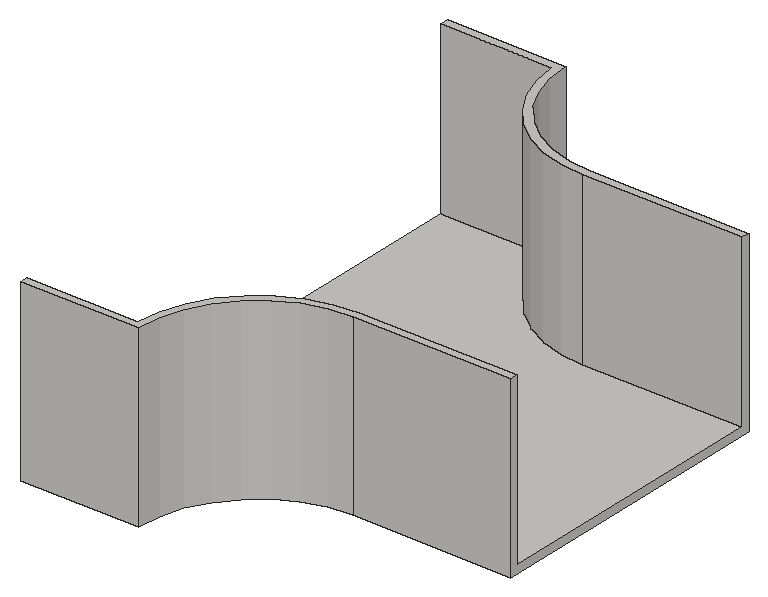
Revit family "S4R_OBO BETTERMANN_CableTray_SaddlePiece_RAAM FS", category Cable Tray Fittings, Revit 2012
Parameters
  Wholesaler art.no. = ""
  Wholesaler = ""
  Watermarked By = "www.stabiplan.com"
  WIDTH2 [instance] = WIDTH1 + 80 mm  # 180 mm
  WIDTH1 [instance] = 100 mm
  VERSION = "91900"  # constant formula
  URL = "www.stabiplan.com"
  built-in parameter 1140111 [instance] = 2.6 mm
  TYPE [instance] = "RAAM FS"  # constant formula
  StabiCAD_PM = ""
  Radius [instance] = 50 mm  # constant formula
  PRODUCTLINE [instance] = "OBO BETTERMANN CableTrays"  # constant formula
  Model = ""
  Manufacturer = "OBO BETTERMANN"  # constant formula
  LENGTH1 [instance] = if(and(WIDTH1 = 100 mm, HEIGHT1 = 60 mm, ANGLE2 = 90.00°), 133.5 mm, if(and(WIDTH1 = 150 mm, HEIGHT1 = 60 mm, ANGLE2 = 90.00°), 133.5 mm, if(and(WIDTH1 = 200 mm, HEIGHT1 = 60 mm, ANGLE2 = 90.00°), 133.5 mm, if(and(WIDTH1 = 300 mm, HEIGHT1 = 60 mm, ANGLE2 = 90.00°), 133.5 mm, if(and(WIDTH1 = 400 mm, HEIGHT1 = 60 mm, ANGLE2 = 90.00°), 133.5 mm, if(and(WIDTH1 = 500 mm, HEIGHT1 = 60 mm, ANGLE2 = 90.00°), 133.5 mm, if(and(WIDTH1 = 600 mm, HEIGHT1 = 60 mm, ANGLE2 = 90.00°), 133.5 mm, if(and(WIDTH1 = 100 mm, HEIGHT1 = 85 mm, ANGLE2 = 90.00°), 133.5 mm, if(and(WIDTH1 = 150 mm, HEIGHT1 = 85 mm, ANGLE2 = 90.00°), 133.5 mm, if(and(WIDTH1 = 200 mm, HEIGHT1 = 85 mm, ANGLE2 = 90.00°), 133.5 mm, if(and(WIDTH1 = 300 mm, HEIGHT1 = 85 mm, ANGLE2 = 90.00°), 133.5 mm, if(and(WIDTH1 = 400 mm, HEIGHT1 = 85 mm, ANGLE2 = 90.00°), 133.5 mm, if(and(WIDTH1 = 500 mm, HEIGHT1 = 85 mm, ANGLE2 = 90.00°), 133.5 mm, if(and(WIDTH1 = 600 mm, HEIGHT1 = 85 mm, ANGLE2 = 90.00°), 133.5 mm, if(and(WIDTH1 = 100 mm, HEIGHT1 = 110 mm, ANGLE2 = 90.00°), 133.5 mm, if(and(WIDTH1 = 150 mm, HEIGHT1 = 110 mm, ANGLE2 = 90.00°), 133.5 mm, if(and(WIDTH1 = 200 mm, HEIGHT1 = 110 mm, ANGLE2 = 90.00°), 133.5 mm, if(and(WIDTH1 = 300 mm, HEIGHT1 = 110 mm, ANGLE2 = 90.00°), 133.5 mm, if(and(WIDTH1 = 400 mm, HEIGHT1 = 110 mm, ANGLE2 = 90.00°), 133.5 mm, if(and(WIDTH1 = 500 mm, HEIGHT1 = 110 mm, ANGLE2 = 90.00°), 133.5 mm, if(and(WIDTH1 = 600 mm, HEIGHT1 = 110 mm, ANGLE2 = 90.00°), 133.5 mm, if(and(WIDTH1 = 100 mm, HEIGHT1 = 35 mm, ANGLE2 = 90.00°), 133.5 mm, if(and(WIDTH1 = 200 mm, HEIGHT1 = 35 mm, ANGLE2 = 90.00°), 133.5 mm, if(and(WIDTH1 = 300 mm, HEIGHT1 = 35 mm, ANGLE2 = 90.00°), 133.5 mm, 133.5 mm))))))))))))))))))))))))  # 133.5 mm
  Internal art.no. = ""
  ISCUSTOM [instance] = if(and(WIDTH1 = 100 mm, HEIGHT1 = 60 mm, ANGLE2 = 90.00°), 1 = 0, if(and(WIDTH1 = 150 mm, HEIGHT1 = 60 mm, ANGLE2 = 90.00°), 1 = 0, if(and(WIDTH1 = 200 mm, HEIGHT1 = 60 mm, ANGLE2 = 90.00°), 1 = 0, if(and(WIDTH1 = 300 mm, HEIGHT1 = 60 mm, ANGLE2 = 90.00°), 1 = 0, if(and(WIDTH1 = 400 mm, HEIGHT1 = 60 mm, ANGLE2 = 90.00°), 1 = 0, if(and(WIDTH1 = 500 mm, HEIGHT1 = 60 mm, ANGLE2 = 90.00°), 1 = 0, if(and(WIDTH1 = 600 mm, HEIGHT1 = 60 mm, ANGLE2 = 90.00°), 1 = 0, if(and(WIDTH1 = 100 mm, HEIGHT1 = 85 mm, ANGLE2 = 90.00°), 1 = 0, if(and(WIDTH1 = 150 mm, HEIGHT1 = 85 mm, ANGLE2 = 90.00°), 1 = 0, if(and(WIDTH1 = 200 mm, HEIGHT1 = 85 mm, ANGLE2 = 90.00°), 1 = 0, if(and(WIDTH1 = 300 mm, HEIGHT1 = 85 mm, ANGLE2 = 90.00°), 1 = 0, if(and(WIDTH1 = 400 mm, HEIGHT1 = 85 mm, ANGLE2 = 90.00°), 1 = 0, if(and(WIDTH1 = 500 mm, HEIGHT1 = 85 mm, ANGLE2 = 90.00°), 1 = 0, if(and(WIDTH1 = 600 mm, HEIGHT1 = 85 mm, ANGLE2 = 90.00°), 1 = 0, if(and(WIDTH1 = 100 mm, HEIGHT1 = 110 mm, ANGLE2 = 90.00°), 1 = 0, if(and(WIDTH1 = 150 mm, HEIGHT1 = 110 mm, ANGLE2 = 90.00°), 1 = 0, if(and(WIDTH1 = 200 mm, HEIGHT1 = 110 mm, ANGLE2 = 90.00°), 1 = 0, if(and(WIDTH1 = 300 mm, HEIGHT1 = 110 mm, ANGLE2 = 90.00°), 1 = 0, if(and(WIDTH1 = 400 mm, HEIGHT1 = 110 mm, ANGLE2 = 90.00°), 1 = 0, if(and(WIDTH1 = 500 mm, HEIGHT1 = 110 mm, ANGLE2 = 90.00°), 1 = 0, if(and(WIDTH1 = 600 mm, HEIGHT1 = 110 mm, ANGLE2 = 90.00°), 1 = 0, if(and(WIDTH1 = 100 mm, HEIGHT1 = 35 mm, ANGLE2 = 90.00°), 1 = 0, if(and(WIDTH1 = 200 mm, HEIGHT1 = 35 mm, ANGLE2 = 90.00°), 1 = 0, if(and(WIDTH1 = 300 mm, HEIGHT1 = 35 mm, ANGLE2 = 90.00°), 1 = 0, 1 = 1))))))))))))))))))))))))  # no
  IFCExportType = ""
  IFCExportAs = ""
  HEIGHT1 [instance] = 60 mm
  GTINNUMBER [instance] = if(and(WIDTH1 = 100 mm, HEIGHT1 = 60 mm, ANGLE2 = 90.00°), "4012195878568", if(and(WIDTH1 = 150 mm, HEIGHT1 = 60 mm, ANGLE2 = 90.00°), "4012195878575", if(and(WIDTH1 = 200 mm, HEIGHT1 = 60 mm, ANGLE2 = 90.00°), "4012195878582", if(and(WIDTH1 = 300 mm, HEIGHT1 = 60 mm, ANGLE2 = 90.00°), "4012195878629", if(and(WIDTH1 = 400 mm, HEIGHT1 = 60 mm, ANGLE2 = 90.00°), "4012195878636", if(and(WIDTH1 = 500 mm, HEIGHT1 = 60 mm, ANGLE2 = 90.00°), "4012195878643", if(and(WIDTH1 = 600 mm, HEIGHT1 = 60 mm, ANGLE2 = 90.00°), "4012195878681", if(and(WIDTH1 = 100 mm, HEIGHT1 = 85 mm, ANGLE2 = 90.00°), "4012195880851", if(and(WIDTH1 = 150 mm, HEIGHT1 = 85 mm, ANGLE2 = 90.00°), "4012195895862", if(and(WIDTH1 = 200 mm, HEIGHT1 = 85 mm, ANGLE2 = 90.00°), "4012195880868", if(and(WIDTH1 = 300 mm, HEIGHT1 = 85 mm, ANGLE2 = 90.00°), "4012195880875", if(and(WIDTH1 = 400 mm, HEIGHT1 = 85 mm, ANGLE2 = 90.00°), "4012195880882", if(and(WIDTH1 = 500 mm, HEIGHT1 = 85 mm, ANGLE2 = 90.00°), "4012195880899", if(and(WIDTH1 = 600 mm, HEIGHT1 = 85 mm, ANGLE2 = 90.00°), "4012195880905", if(and(WIDTH1 = 100 mm, HEIGHT1 = 110 mm, ANGLE2 = 90.00°), "4012195882039", if(and(WIDTH1 = 150 mm, HEIGHT1 = 110 mm, ANGLE2 = 90.00°), "4012195896067", if(and(WIDTH1 = 200 mm, HEIGHT1 = 110 mm, ANGLE2 = 90.00°), "4012195882046", if(and(WIDTH1 = 300 mm, HEIGHT1 = 110 mm, ANGLE2 = 90.00°), "4012195882053", if(and(WIDTH1 = 400 mm, HEIGHT1 = 110 mm, ANGLE2 = 90.00°), "4012195882060", if(and(WIDTH1 = 500 mm, HEIGHT1 = 110 mm, ANGLE2 = 90.00°), "4012195882077", if(and(WIDTH1 = 600 mm, HEIGHT1 = 110 mm, ANGLE2 = 90.00°), "4012195882084", if(and(WIDTH1 = 100 mm, HEIGHT1 = 35 mm, ANGLE2 = 90.00°), "4012195881353", if(and(WIDTH1 = 200 mm, HEIGHT1 = 35 mm, ANGLE2 = 90.00°), "4012195881513", if(and(WIDTH1 = 300 mm, HEIGHT1 = 35 mm, ANGLE2 = 90.00°), "4012195881520", "Unknown"))))))))))))))))))))))))  # "4012195878568"
  ETIM article class = ""
  Description = "Horizontal CableTray Saddle Piece"
  DEEPLINK = "http://catalog1.obo-bettermann.com/catalogue/catalogue.do?forward=showProductGroup&act=showIO&favOid=kts_399337&action=showManyProducts&lang=de&OID=kts_399337&catId="
  Copyright = "© Stabiplan BV / Stabiplan International BV"  # constant formula
  CT2 [instance] = 1
  CT1 [instance] = 1
  BodyColor = Steel
  ARTICLENUMBER [instance] = if(and(WIDTH1 = 100 mm, HEIGHT1 = 60 mm, ANGLE2 = 90.00°), "6041230", if(and(WIDTH1 = 150 mm, HEIGHT1 = 60 mm, ANGLE2 = 90.00°), "6041232", if(and(WIDTH1 = 200 mm, HEIGHT1 = 60 mm, ANGLE2 = 90.00°), "6041234", if(and(WIDTH1 = 300 mm, HEIGHT1 = 60 mm, ANGLE2 = 90.00°), "6041236", if(and(WIDTH1 = 400 mm, HEIGHT1 = 60 mm, ANGLE2 = 90.00°), "6041238", if(and(WIDTH1 = 500 mm, HEIGHT1 = 60 mm, ANGLE2 = 90.00°), "6041240", if(and(WIDTH1 = 600 mm, HEIGHT1 = 60 mm, ANGLE2 = 90.00°), "6041242", if(and(WIDTH1 = 100 mm, HEIGHT1 = 85 mm, ANGLE2 = 90.00°), "6041570", if(and(WIDTH1 = 150 mm, HEIGHT1 = 85 mm, ANGLE2 = 90.00°), "6041571", if(and(WIDTH1 = 200 mm, HEIGHT1 = 85 mm, ANGLE2 = 90.00°), "6041572", if(and(WIDTH1 = 300 mm, HEIGHT1 = 85 mm, ANGLE2 = 90.00°), "6041574", if(and(WIDTH1 = 400 mm, HEIGHT1 = 85 mm, ANGLE2 = 90.00°), "6041576", if(and(WIDTH1 = 500 mm, HEIGHT1 = 85 mm, ANGLE2 = 90.00°), "6041578", if(and(WIDTH1 = 600 mm, HEIGHT1 = 85 mm, ANGLE2 = 90.00°), "6041580", if(and(WIDTH1 = 100 mm, HEIGHT1 = 110 mm, ANGLE2 = 90.00°), "6041920", if(and(WIDTH1 = 150 mm, HEIGHT1 = 110 mm, ANGLE2 = 90.00°), "6041921", if(and(WIDTH1 = 200 mm, HEIGHT1 = 110 mm, ANGLE2 = 90.00°), "6041922", if(and(WIDTH1 = 300 mm, HEIGHT1 = 110 mm, ANGLE2 = 90.00°), "6041924", if(and(WIDTH1 = 400 mm, HEIGHT1 = 110 mm, ANGLE2 = 90.00°), "6041926", if(and(WIDTH1 = 500 mm, HEIGHT1 = 110 mm, ANGLE2 = 90.00°), "6041928", if(and(WIDTH1 = 600 mm, HEIGHT1 = 110 mm, ANGLE2 = 90.00°), "6041930", if(and(WIDTH1 = 100 mm, HEIGHT1 = 35 mm, ANGLE2 = 90.00°), "6041020", if(and(WIDTH1 = 200 mm, HEIGHT1 = 35 mm, ANGLE2 = 90.00°), "6041022", if(and(WIDTH1 = 300 mm, HEIGHT1 = 35 mm, ANGLE2 = 90.00°), "6041024", "Unknown"))))))))))))))))))))))))  # "6041230"
  ARTICLEDESCRIPTION [instance] = "Horizontal CableTray Saddle Piece"
  ANGLE2 = 90.00°  # constant formula
Reference planes
  plane 1 "Center (Front/Back)": y = 0
  plane 2: z = 0
  plane 3 "Center (Left/Right)": x = 0
  plane 4: y = 50
  plane 5: y = -50
  plane 6: y = 90
  plane 7: y = -90
  plane 8: z = 30
  plane 9: z = -30
  plane 10: x = 133.5
  plane 11: x = 40
  plane 12: z = 27.5
  plane 13: z = -27.4
Forms (mm)
  Extrusion 1, solid, material "Steel", detail levels fine
    sketch origin (0, 0, 0) x (1, 0, 0) y (0, 1, 0)
      loop
        arc (80, 50) -> (51.716, 61.716) -> (40, 90) r 40
        line (40, 90) -> (0, 90) -> (0, -90) -> (40, -90)
        arc (40, -90) -> (51.716, -61.716) -> (80, -50) r 40
        line (80, -50) -> (133.5, -50) -> (133.5, 50) -> (80, 50)
    from -30 to 30
  Extrusion 2, solid, material "Steel", detail levels medium
    sketch origin (0, 0, 0) x (1, 0, 0) y (0, 1, 0)
      loop
        line (40, 90) -> (0, 90) -> (0, -90) -> (40, -90)
        arc (40, -90) -> (51.716, -61.716) -> (80, -50) r 40
        line (80, -50) -> (133.5, -50) -> (133.5, 50) -> (80, 50)
        arc (80, 50) -> (51.716, 61.716) -> (40, 90) r 40
    from -30 to 30
  Extrusion 3, void
    sketch origin (0, 0, 0) x (1, 0, 0) y (0, 1, 0)
      loop
        line (133.5, -47.4) -> (133.5, 47.4) -> (79.921, 47.4)
        arc (79.921, 47.4) -> (50.732, 58.972) -> (37.4, 87.4) r 42.6
        line (37.4, 87.4) -> (0, 87.4) -> (0, -87.4) -> (37.4, -87.4)
        arc (37.4, -87.4) -> (50.732, -58.972) -> (79.921, -47.4) r 42.6
        line (79.921, -47.4) -> (133.5, -47.4)
    from -27.4 to 30
Cuts and joins
  Extrusion 3 cuts Extrusion 1
Lines and regions (mm)
  model lines, style "Coarse", detail levels coarse
    curve 1: line (0, 0, 0) -> (133.5, 0, 0)
Dimensions and locks
  equal spacing: plane 4, plane 1 "Center (Front/Back)", plane 5
  "WIDTH1": plane 4 to plane 5
  equal spacing: plane 6, plane 1 "Center (Front/Back)", plane 7
  equal spacing: plane 8, level, plane 9
  "HEIGHT1": plane 8 to plane 9
  "LENGTH1": plane 3 "Center (Left/Right)" to plane 10
  "WIDTH2": plane 6 to plane 7
  "LENGTH1": curve 1 to curve 1
  plane 3 "Center (Left/Right)" to Extrusion 2 = 133.5 mm
  locked: plane 3 "Center (Left/Right)" to plane 11 at 40
  "built-in parameter 1140111": plane 6 to Extrusion 3 sketch curve
  "built-in parameter 1140111": Extrusion 3 sketch curve to plane 11  (x2)
  "built-in parameter 1140111": Extrusion 3 sketch curve to plane 7
  "built-in parameter 1140111": Extrusion 3 sketch curve to plane 5
  "built-in parameter 1140111": plane 4 to Extrusion 3 sketch curve
  "built-in parameter 1140111": plane 13 to plane 9
  radius of Extrusion 2 sketch curve = 40 mm  (x2)
  aligned and locked: level to plane 2
  aligned and locked: Extrusion 1 to plane 9
  aligned and locked: plane 8 to Extrusion 1
  aligned and locked: plane 1 "Center (Front/Back)" to curve 1
  aligned and locked: Extrusion 2 to plane 9
  aligned and locked: plane 8 to Extrusion 2
  aligned and locked: plane 11 to Extrusion 2 sketch curve  (x2)
  aligned and locked: plane 4 to Extrusion 2 sketch curve
  aligned and locked: plane 5 to Extrusion 2 sketch curve
  aligned and locked: plane 10 to Extrusion 2 sketch curve
  aligned and locked: Extrusion 3 sketch curve to plane 3 "Center (Left/Right)"
  aligned and locked: plane 10 to Extrusion 3 sketch curve
  aligned and locked: Extrusion 3 to plane 13
  aligned and locked: Extrusion 3 to Extrusion 1
  aligned and locked: plane 6 to Extrusion 2 sketch curve
  aligned and locked: Extrusion 2 sketch curve to plane 7
Automatic sketch dimensions
  Extrusion 1 sketch curve to plane 3 "Center (Left/Right)" = 0 mm
  Extrusion 1 sketch curve to plane 7 = 0 mm
  Extrusion 1 sketch curve to plane 11 = 0 mm  (x2)
  Extrusion 1 sketch curve to plane 6 = 0 mm
  Extrusion 1 sketch curve to plane 4 = 0 mm
  Extrusion 1 sketch curve to plane 5 = 0 mm
  Extrusion 1 sketch curve to plane 10 = 0 mm
  Extrusion 2 sketch curve to plane 3 "Center (Left/Right)" = 0 mm
  Extrusion 3 sketch curve to plane 7 = 0 mm
  Extrusion 3 sketch curve to plane 6 = 0 mm
  curve 1 to plane 3 "Center (Left/Right)" = 0 mm
Connectors
  cabletrayconduit at (133.5, 0, 0), driven by "HEIGHT1", driven by "WIDTH1"
    settings: on Extrusion 2, index 1, connector width 100 mm, connector height 60 mm, connector radius 300 mm, connector angle 0.00°, system type 32, placement type 0, profile type 1, connector reference index -1, is primary connector yes, connector utility param no, connector description ""
